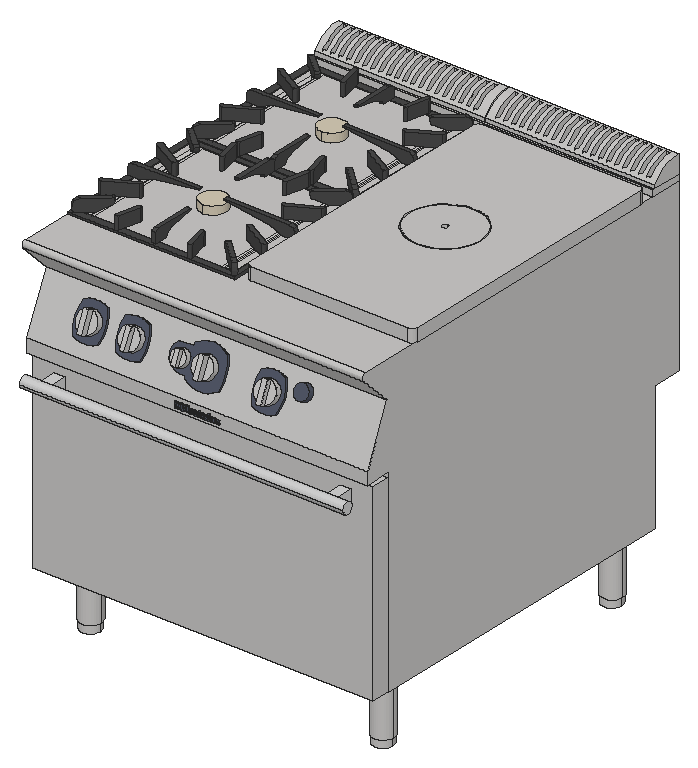
Revit family "QF_ELECTROLUXPROFESSIONAL_391020_E9STGH30G0", category Specialty Equipment, Revit 2018
Family settings
  Round Connector Dimension = Use Diameter
  Part Type = Normal
  Work Plane-Based = No
  Always vertical = Yes
  Cut with Voids When Loaded = No
  Shared = No
  Room Calculation Point = No
Parameters
  Width = 800 mm  # constant formula
  Weight in Pounds = 130  # constant formula
  Watts = 0 W
  URL Cutsheet = "www.electrolux.com"
  URL = "www.electrolux.com"
  Type Mark [instance] = ""
  Status [instance] = ""
  Specification by User [instance] = ""
  Specification by Manufacturer = ""
  Show Logo [instance] = yes
  Show Clearance [instance] = yes
  Serial Number = ""
  Seismic Rating = ""
  SMACNA No = ""
  Revision Code [instance] = ""
  Omniclass Number and Title = ""
  NAFEM Spec ID Number = ""
  Model = "391020"
  Mechanical Remarks [instance] = ""
  Mechanical Connection Type [instance] = ""
  Masterspec = ""
  Manufacturer = "ELECTROLUX"
  Item Number [instance] = ""
  Installed By [instance] = ""
  Identify Quantity as Lot [instance] = yes
  Height = 909 mm  # constant formula
  HP = "0 HP"
  Gas Size = 12.7 mm  # 1/2"
  Gas RI Height [instance] = 0 mm
  Gas KW [instance] = 30  # constant formula
  Gas Input [instance] = 102270.0 Btu/h
  Gas Connection Height = 0 mm
  Furnished By [instance] = ""
  Foodservice Equipment Identifier [instance] = yes
  Direct Waste Size = 0"
  Description = "900XP GAS SOLID TOP, GASOVEN WITH TWOBURNERS- LPG/NATURAL GAS"
  Depth = 700 mm  # constant formula
  CSI MasterFormat = ""
  CSI Master Format = ""
  Assembly Code = ""
Reference planes
  plane 1 "BACK": y = 0
  plane 2: z = 0
  plane 3 "LEFT": x = 0
  plane 4 "RIGHT": x = 800
  plane 5 "FRONT": y = -930
  plane 6 "TOP": z = 908.9
  plane 7 "Center Y": x = 400
  plane 8 "Center X": y = -465
  plane 9 "Base": z = 150
  plane 10: z = 850.9
  plane 11: y = -126
  plane 12: y = -800
  plane 13: y = -1309
  plane 14: y = -663.871
  plane 15: y = -576
Forms (mm)
  Revolve 1, solid, material "QF_Finishes_Stainless Steel"
    sketch origin (1, -126, 0) x (1, 0, 0) y (0, 0, 1)
      loop
        line (55, 0) -> (55, 150) -> (29.6, 150) -> (29.6, 19.05) -> (32.1, 19.05) -> (32.1, 0) -> (55, 0)
      axis (55, 0) -> (55, 150)
    angle from 0 to 360
  Revolve 2, solid, material "QF_Finishes_Stainless Steel"
    sketch origin (1, -799.458, 0) x (1, 0, 0) y (0, 0, 1)
      loop
        line (55, 0) -> (55, 150) -> (29.6, 150) -> (29.6, 19.05) -> (32.1, 19.05) -> (32.1, 0) -> (55, 0)
      axis (55, 0) -> (55, 150)
    angle from 0 to 360
  Revolve 3, solid, material "QF_Finishes_Stainless Steel"
    sketch origin (799, -126, 0) x (-1, 0, 0) y (0, 0, -1)
      loop
        line (55, 0) -> (32.1, 0) -> (32.1, -19.05) -> (29.6, -19.05) -> (29.6, -150) -> (55, -150) -> (55, 0)
      axis (55, 0) -> (55, -150)
    angle from 0 to 360
  Revolve 4, solid, material "QF_Finishes_Stainless Steel"
    sketch origin (799, -799.458, 0) x (-1, 0, 0) y (0, 0, -1)
      loop
        line (55, 0) -> (32.1, 0) -> (32.1, -19.05) -> (29.6, -19.05) -> (29.6, -150) -> (55, -150) -> (55, 0)
      axis (55, 0) -> (55, -150)
    angle from 0 to 360
  Extrusion 5, solid, material "QF_Finishes_Stainless Steel"
    sketch origin (0, 0, 0) x (0, 1, 0) y (0, 0, 1)
      loop
        line (0, 451) -> (0, 850.9) -> (-921.37, 850.9)
        arc (-921.37, 850.9) -> (-929.343, 845.573) -> (-927.472, 836.168) r 8.63
        line (-927.472, 836.168) -> (-858.137, 766.833) -> (-915.833, 641.476) -> (-915.833, 610.179) -> (-855.71, 614.875)
        arc (-855.71, 614.875) -> (-853.185, 614.127) -> (-852.093, 611.731) r 3.175
        line (-852.093, 611.731) -> (-852.093, 150) -> (-71, 150) -> (-71, 451) -> (0, 451)
    from 0 to 800
  Extrusion 6, solid, material "QF_Finishes_Stainless Steel"
    sketch origin (0, -852.093, 611.731) x (0, 0, -1) y (1, 0, 0)
      loop
        line (461.731, 0) -> (461.731, 800) -> (9.61, 800) -> (9.61, 0) -> (461.731, 0)
    from 3.175 to 47.778
  Extrusion 7, solid, material "QF_Finishes_Handrails and Railings"
    sketch origin (0, -199.871, 0) x (0, 1, 0) y (0, 0, 1)
      loop
        line (-700, 580.001) -> (-738.678, 577.296)
        arc (-738.678, 577.296) -> (-739.871, 563.489) -> (-752.981, 558.993) r 12.7
        arc (-752.981, 558.993) -> (-752.44, 558.176) -> (-751.841, 557.401) r 13.441
        arc (-751.841, 557.401) -> (-750.036, 555.955) -> (-747.808, 555.335) r 5.77
        line (-747.808, 555.335) -> (-700, 551.992) -> (-700, 580.001)
    from 50.8 to 76.2
  Extrusion 8, solid, material "QF_Finishes_Handrails and Railings"
    sketch origin (800, -199.871, 0) x (0, 1, 0) y (0, 0, -1)
      loop
        line (-700, -580.001) -> (-700, -551.992) -> (-747.808, -555.335)
        arc (-747.808, -555.335) -> (-750.036, -555.955) -> (-751.841, -557.401) r 5.77
        arc (-751.841, -557.401) -> (-752.44, -558.176) -> (-752.981, -558.993) r 13.441
        arc (-752.981, -558.993) -> (-739.871, -563.489) -> (-738.678, -577.296) r 12.7
        line (-738.678, -577.296) -> (-700, -580.001)
    from 50.8 to 76.2
  Extrusion 9, solid, material "QF_Finishes_Handrails and Railings"
    sketch origin (0, -199.871, 0) x (0, 1, 0) y (0, 0, 1)
      loop
        circle (-749.878, 571.309) r 12.7
    from 19.875 to 780.125
  Extrusion 10, solid, material "QF_Finishes_Stainless Steel"
    sketch origin (0, -199.871, 576.213) x (0, 1, 0) y (0, 0, 1)
      loop
        line (199.871, 274.687) -> (199.871, 288.975) -> (123.671, 288.975) -> (123.671, 274.687) -> (199.871, 274.687)
    from 0 to 800
  Extrusion 11, void
    sketch origin (134.989, 0, 865.138) x (-1, 0, 0) y (0, -1, 0)
      loop
        line (-295.005, 6.761) -> (-285.709, 6.761) -> (-285.709, 63.911) -> (-295.005, 63.911) -> (-295.005, 6.761)
      loop
        line (-313.697, 6.761) -> (-304.401, 6.761) -> (-304.401, 63.911) -> (-313.697, 63.911) -> (-313.697, 6.761)
      loop
        line (-332.39, 6.761) -> (-323.094, 6.761) -> (-323.094, 63.911) -> (-332.39, 63.911) -> (-332.39, 6.761)
      loop
        line (-351.082, 6.761) -> (-341.787, 6.761) -> (-341.787, 63.911) -> (-351.082, 63.911) -> (-351.082, 6.761)
      loop
        line (-369.775, 6.761) -> (-360.479, 6.761) -> (-360.479, 63.911) -> (-369.775, 63.911) -> (-369.775, 6.761)
      loop
        line (-388.468, 6.761) -> (-379.172, 6.761) -> (-379.172, 63.911) -> (-388.468, 63.911) -> (-388.468, 6.761)
      loop
        line (-407.16, 6.761) -> (-397.864, 6.761) -> (-397.864, 63.911) -> (-407.16, 63.911) -> (-407.16, 6.761)
      loop
        line (-425.853, 6.761) -> (-416.557, 6.761) -> (-416.557, 63.911) -> (-425.853, 63.911) -> (-425.853, 6.761)
      loop
        line (-444.545, 6.761) -> (-435.25, 6.761) -> (-435.25, 63.911) -> (-444.545, 63.911) -> (-444.545, 6.761)
      loop
        line (-463.238, 6.761) -> (-453.942, 6.761) -> (-453.942, 63.911) -> (-463.238, 63.911) -> (-463.238, 6.761)
      loop
        line (-481.931, 6.761) -> (-472.635, 6.761) -> (-472.635, 63.911) -> (-481.931, 63.911) -> (-481.931, 6.761)
      loop
        line (-500.623, 6.761) -> (-491.328, 6.761) -> (-491.328, 63.911) -> (-500.623, 63.911) -> (-500.623, 6.761)
      loop
        line (-519.316, 6.761) -> (-510.02, 6.761) -> (-510.02, 63.911) -> (-519.316, 63.911) -> (-519.316, 6.761)
      loop
        line (-538.008, 6.761) -> (-528.713, 6.761) -> (-528.713, 63.911) -> (-538.008, 63.911) -> (-538.008, 6.761)
      loop
        line (-556.701, 6.761) -> (-547.405, 6.761) -> (-547.405, 63.911) -> (-556.701, 63.911) -> (-556.701, 6.761)
      loop
        line (-575.394, 6.761) -> (-566.098, 6.761) -> (-566.098, 63.911) -> (-575.394, 63.911) -> (-575.394, 6.761)
      loop
        line (-594.086, 6.761) -> (-584.791, 6.761) -> (-584.791, 63.911) -> (-594.086, 63.911) -> (-594.086, 6.761)
      loop
        line (-612.779, 6.761) -> (-603.483, 6.761) -> (-603.483, 63.911) -> (-612.779, 63.911) -> (-612.779, 6.761)
      loop
        line (-631.472, 6.761) -> (-622.176, 6.761) -> (-622.176, 63.911) -> (-631.472, 63.911) -> (-631.472, 6.761)
      loop
        line (-650.164, 6.761) -> (-640.868, 6.761) -> (-640.868, 63.911) -> (-650.164, 63.911) -> (-650.164, 6.761)
    from 9.525 to 45.348
  Extrusion 12, solid, material "QF_Finishes_Stainless Steel"
    sketch origin (0, 0, 590.5) x (0, 1, 0) y (0, 0, 1)
      loop
        line (0, 274.688) -> (0, 318.4)
        arc (0, 318.4) -> (-39.072, 309.779) -> (-69.85, 284.212) r 84.854
        line (-69.85, 284.212) -> (-69.85, 274.688) -> (0, 274.688)
    from 400 to 800
  Extrusion 13, solid, material "QF_Finishes_Navy Blue"
    sketch origin (7.744, -913.643, 646.186) x (0, 0.418102, 0.9084) y (-1, 0, 0)
      loop
        arc (102.623, -510.47) -> (67.041, -502.846) -> (31.333, -509.853) r 90.5
        arc (31.333, -509.853) -> (24.507, -539.04) -> (31.333, -568.228) r 65.817
        arc (31.333, -568.228) -> (67.04, -575.188) -> (102.623, -567.615) r 91.066
        arc (102.623, -567.615) -> (109.179, -539.043) -> (102.623, -510.47) r 65.546
      loop
        arc (102.623, -190.47) -> (67.041, -182.846) -> (31.333, -189.853) r 90.5
        arc (31.333, -189.853) -> (24.507, -219.04) -> (31.333, -248.228) r 65.817
        arc (31.333, -248.228) -> (67.04, -255.188) -> (102.623, -247.615) r 91.066
        arc (102.623, -247.615) -> (109.179, -219.043) -> (102.623, -190.47) r 65.546
      loop
        arc (102.623, -90.47) -> (67.041, -82.846) -> (31.333, -89.853) r 90.5
        arc (31.333, -89.853) -> (24.507, -119.04) -> (31.333, -148.228) r 65.817
        arc (31.333, -148.228) -> (67.04, -155.188) -> (102.623, -147.615) r 91.066
        arc (102.623, -147.615) -> (109.179, -119.043) -> (102.623, -90.47) r 65.546
    from 0 to 3.175
  Extrusion 14, solid, material "QF_Finishes_Stainless Steel"
    sketch origin (386.494, -917.356, 645.711) x (0, 0.418102, 0.9084) y (-1, 0, 0)
      loop
        circle (68.826, -160.963) r 25.4
      loop
        circle (68.826, -13.506) r 25.4
      loop
        circle (68.826, 159.037) r 25.4
      loop
        circle (68.826, 259.037) r 25.4
    from 0 to 12.7
  Extrusion 15, solid, material "QF_Finishes_Stainless Steel"
    sketch origin (386.494, -928.893, 651.021) x (0, 0.418102, 0.9084) y (-1, 0, 0)
      loop
        arc (93.558, -166.749) -> (94.226, -160.963) -> (93.558, -155.177) r 25.4
        line (93.558, -155.177) -> (44.094, -155.177)
        arc (44.094, -155.177) -> (43.426, -160.963) -> (44.094, -166.749) r 25.4
        line (44.094, -166.749) -> (93.558, -166.749)
    from 0 to 12.7
  Extrusion 16, solid, material "QF_Finishes_Navy Blue"
    sketch origin (307.014, -903.19, 668.896) x (0, 0.418102, 0.9084) y (-1, 0, 0)
      loop
        circle (65.471, -315.169) r 17.78
    from 0 to 12.7
  Extrusion 17, solid, material "QF_Finishes_Navy Blue"
    sketch origin (-139.713, -913.643, 646.186) x (0, 0.418102, 0.9084) y (-1, 0, 0)
      loop
        arc (104.355, -502.587) -> (101.326, -501.258) -> (98.25, -500.039) r 91.066
        arc (98.25, -500.039) -> (96.592, -482.449) -> (93.213, -465.107) r 179.528
        arc (93.213, -465.107) -> (69.244, -452.795) -> (45.274, -465.107) r 29.489
        arc (45.274, -465.107) -> (38.909, -481.441) -> (37.449, -498.912) r 61.044
        arc (37.449, -498.912) -> (34.471, -499.962) -> (31.532, -501.116) r 91.066
        arc (31.532, -501.116) -> (19.517, -540.223) -> (32.929, -578.873) r 65.817
        arc (32.929, -578.873) -> (68.105, -585.173) -> (102.996, -577.452) r 91.066
        arc (102.996, -577.452) -> (115.418, -540.233) -> (104.355, -502.587) r 65.546
    from 0 to 3.175
  Extrusion 18, solid, material "QF_Finishes_Stainless Steel"
    sketch origin (239.037, -928.893, 651.021) x (0, 0.418102, 0.9084) y (-1, 0, 0)
      loop
        arc (93.558, -166.749) -> (94.226, -160.963) -> (93.558, -155.177) r 25.4
        line (93.558, -155.177) -> (44.094, -155.177)
        arc (44.094, -155.177) -> (43.426, -160.963) -> (44.094, -166.749) r 25.4
        line (44.094, -166.749) -> (93.558, -166.749)
    from 0 to 12.7
  Extrusion 19, solid, material "QF_Finishes_Stainless Steel"
    sketch origin (181.537, -917.356, 645.711) x (0, 0.418102, 0.9084) y (-1, 0, 0)
      loop
        circle (68.826, -160.963) r 18.37
    from 0 to 12.7
  Extrusion 20, solid, material "QF_Finishes_Stainless Steel"
    sketch origin (180.246, -928.893, 651.021) x (0, 0.418102, 0.9084) y (-1, 0, 0)
      loop
        arc (84.808, -167.687) -> (85.476, -161.901) -> (84.808, -156.114) r 25.4
        line (84.808, -156.114) -> (52.844, -156.114)
        arc (52.844, -156.114) -> (52.176, -161.901) -> (52.844, -167.687) r 25.4
        line (52.844, -167.687) -> (84.808, -167.687)
    from 0 to 8.112
  Extrusion 21, solid, material "QF_Finishes_Stainless Steel"
    sketch origin (0, -852.093, 150) x (1, 0, 0) y (0, -1, 0)
      loop
        circle (747.612, -188.222) r 6.4
    from 0 to 21
  Extrusion 22, solid, material "QF_Door-Drawer Clearances", visible <- "Show Clearance", detail levels coarse
    sketch origin (0, -199.871, 0) x (0, 1, 0) y (0, 0, 1)
      loop
        line (-1109, 150) -> (-700, 150) -> (-700, 601.405)
        arc (-700, 601.405) -> (-991.543, 454.568) -> (-1109, 150) r 453.603
    from 0 to 800
  Extrusion 23, solid, material "QF_Clearances", visible <- "Show Clearance", detail levels coarse
    sketch origin (0, -199.871, 0) x (1, 0, 0) y (0, 1, 0)
      loop
        line (-100, -730.129) -> (0, -730.129) -> (0, 199.871) -> (800, 199.871) -> (800, -730.129) -> (900, -730.129) -> (900, 299.871) -> (-100, 299.871) -> (-100, -730.129)
    from 0 to 908.85
  Extrusion 24, solid, material "QF_Finishes_Stainless Steel"
    sketch origin (66.494, -928.893, 651.021) x (0, 0.418102, 0.9084) y (-1, 0, 0)
      loop
        arc (93.558, -166.749) -> (94.226, -160.963) -> (93.558, -155.177) r 25.4
        line (93.558, -155.177) -> (44.094, -155.177)
        arc (44.094, -155.177) -> (43.426, -160.963) -> (44.094, -166.749) r 25.4
        line (44.094, -166.749) -> (93.558, -166.749)
    from 0 to 12.7
  Extrusion 25, solid, material "QF_Finishes_Stainless Steel"
    sketch origin (-33.506, -928.893, 651.021) x (0, 0.418102, 0.9084) y (-1, 0, 0)
      loop
        arc (93.558, -166.749) -> (94.226, -160.963) -> (93.558, -155.177) r 25.4
        line (93.558, -155.177) -> (44.094, -155.177)
        arc (44.094, -155.177) -> (43.426, -160.963) -> (44.094, -166.749) r 25.4
        line (44.094, -166.749) -> (93.558, -166.749)
    from 0 to 12.7
  Extrusion 26, solid, material "QF_Finishes_Stainless Steel"
    sketch origin (17.4, -199.871, 850.85) x (0, -1, 0) y (1, 0, 0)
      loop
        arc (-99.871, 401.6) -> (-96.151, 392.62) -> (-87.171, 388.9) r 12.7
        line (-87.171, 388.9) -> (568.629, 388.9)
        arc (568.629, 388.9) -> (577.609, 392.62) -> (581.329, 401.6) r 12.7
        line (581.329, 401.6) -> (581.329, 769.9)
        arc (581.329, 769.9) -> (577.609, 778.88) -> (568.629, 782.6) r 12.7
        line (568.629, 782.6) -> (-87.171, 782.6)
        arc (-87.171, 782.6) -> (-96.151, 778.88) -> (-99.871, 769.9) r 12.7
        line (-99.871, 769.9) -> (-99.871, 401.6)
      loop
        circle (240.729, 585.75) r 82.55
      loop
        circle (240.729, 585.75) r 7
      loop
        arc (178.013, 643.809) -> (173.609, 639.183) -> (169.562, 634.241) r 85.532
        arc (169.562, 634.241) -> (214.321, 504.246) -> (325.801, 584.71) r 85.614
        arc (325.801, 584.71) -> (272.203, 665.015) -> (178.013, 643.809) r 85.263
    from 0 to 28.575
  Extrusion 27, solid, material "QF_Finishes_Navy Blue", visible <- "Show Logo"
    sketch origin (61.109, -915.833, 610.773) x (0, 0, 1) y (-1, 0, 0)
      loop
        line (20.674, -296.698) -> (8.307, -296.698)
        arc (8.307, -296.698) -> (14.491, -301.27) -> (20.674, -296.698) r 6.467
      loop
        arc (20.674, -296.069) -> (19.505, -290.926) -> (14.849, -288.448) r 6.338
        line (14.849, -288.448) -> (14.849, -290.494)
        arc (14.849, -290.494) -> (16.333, -294.149) -> (19.778, -296.069) r 5.941
        line (19.778, -296.069) -> (20.674, -296.069)
      loop
        arc (9.203, -296.069) -> (12.648, -294.149) -> (14.132, -290.494) r 5.941
        line (14.132, -290.494) -> (14.132, -288.448)
        arc (14.132, -288.448) -> (9.438, -290.922) -> (8.148, -296.069) r 6.504
        line (8.148, -296.069) -> (9.203, -296.069)
      loop
        line (21.349, -287.979) -> (7.604, -287.979) -> (7.604, -301.742) -> (21.349, -301.742) -> (21.349, -287.979)
      loop
        arc (21.432, -304.71) -> (21.085, -304.352) -> (20.718, -304.69) r 0.358
        arc (20.718, -304.69) -> (20.404, -305.44) -> (19.687, -305.825) r 1.216
        line (19.687, -305.825) -> (9.274, -305.825)
        arc (9.274, -305.825) -> (8.614, -305.548) -> (8.218, -304.951) r 1.238
        arc (8.218, -304.951) -> (7.823, -304.7) -> (7.518, -305.054) r 0.358
        line (7.518, -305.054) -> (7.518, -314.933) -> (10.269, -314.933) -> (10.269, -314.036)
        arc (10.269, -314.036) -> (9.36, -313.456) -> (8.904, -312.479) r 1.928
        line (8.904, -312.479) -> (8.904, -309.98)
        arc (8.904, -309.98) -> (9.18, -309.251) -> (9.868, -308.887) r 1.101
        line (9.868, -308.887) -> (13.955, -308.887) -> (13.955, -312.561)
        arc (13.955, -312.561) -> (13.602, -313.058) -> (13.037, -313.286) r 1.083
        arc (13.037, -313.286) -> (12.773, -313.591) -> (13.065, -313.869) r 0.292
        line (13.065, -313.869) -> (16.028, -313.869)
        arc (16.028, -313.869) -> (16.33, -313.596) -> (16.092, -313.266) r 0.305
        arc (16.092, -313.266) -> (15.601, -313.018) -> (15.296, -312.561) r 1.083
        line (15.296, -312.561) -> (15.296, -308.887) -> (19.973, -308.887) -> (19.973, -312.635)
        arc (19.973, -312.635) -> (19.759, -313.39) -> (19.153, -313.888) r 1.314
        arc (19.153, -313.888) -> (18.934, -314.292) -> (19.288, -314.585) r 0.361
        line (19.288, -314.585) -> (21.432, -314.585) -> (21.432, -304.71)
      loop
        arc (20.715, -315.365) -> (20.335, -316.284) -> (19.416, -316.664) r 1.299
        line (19.416, -316.664) -> (9.837, -316.664)
        arc (9.837, -316.664) -> (8.999, -316.286) -> (8.728, -315.408) r 1.118
        line (8.728, -315.408) -> (7.518, -315.408) -> (7.518, -320.758) -> (8.706, -320.758)
        arc (8.706, -320.758) -> (8.978, -319.841) -> (9.848, -319.445) r 1.153
        line (9.848, -319.445) -> (21.92, -319.445) -> (20.715, -315.365)
      loop
        line (12.483, -323.394) -> (12.483, -329.842) -> (13.282, -329.842)
        arc (13.282, -329.842) -> (15.862, -328.857) -> (17.131, -326.404) r 3.874
        line (17.131, -326.404) -> (17.131, -324.643)
        arc (17.131, -324.643) -> (15.944, -321.778) -> (13.08, -320.592) r 4.051
        line (13.08, -320.592) -> (11.072, -320.592)
        arc (11.072, -320.592) -> (8.253, -322.077) -> (7.202, -325.084) r 4.352
        arc (7.202, -325.084) -> (7.566, -327.547) -> (8.943, -329.621) r 5.713
        line (8.943, -329.621) -> (9.892, -329.621)
        arc (9.892, -329.621) -> (9.16, -328.052) -> (8.943, -326.334) r 5.579
        arc (8.943, -326.334) -> (9.737, -324.371) -> (11.616, -323.394) r 3.057
        line (11.616, -323.394) -> (12.483, -323.394)
      loop
        line (13.742, -323.394) -> (13.742, -326.977)
        arc (13.742, -326.977) -> (15.199, -327.024) -> (16.082, -325.864) r 1.59
        line (16.082, -325.864) -> (16.082, -325.034)
        arc (16.082, -325.034) -> (15.217, -323.779) -> (13.742, -323.394) r 2.184
      loop
        arc (16.533, -339.259) -> (17.022, -337.585) -> (17.179, -335.848) r 9.023
        line (17.179, -335.848) -> (17.179, -334.486)
        arc (17.179, -334.486) -> (16.02, -331.686) -> (13.22, -330.527) r 3.959
        line (13.22, -330.527) -> (10.62, -330.527)
        arc (10.62, -330.527) -> (8.338, -331.819) -> (7.221, -334.192) r 4.331
        line (7.221, -334.192) -> (7.221, -336.327)
        arc (7.221, -336.327) -> (7.729, -337.877) -> (8.651, -339.223) r 5.772
        arc (8.651, -339.223) -> (9.412, -339.274) -> (9.499, -338.515) r 0.553
        arc (9.499, -338.515) -> (9.111, -337.781) -> (8.977, -336.962) r 2.573
        line (8.977, -336.962) -> (8.977, -335.447)
        arc (8.977, -335.447) -> (9.983, -333.806) -> (11.798, -333.163) r 2.884
        line (11.798, -333.163) -> (13.077, -333.163)
        arc (13.077, -333.163) -> (14.898, -333.723) -> (15.824, -335.388) r 2.554
        line (15.824, -335.388) -> (15.824, -336.441)
        arc (15.824, -336.441) -> (15.493, -337.369) -> (14.836, -338.104) r 2.564
        arc (14.836, -338.104) -> (14.614, -338.821) -> (15.223, -339.259) r 0.643
        line (15.223, -339.259) -> (16.533, -339.259)
      loop
        line (15.515, -339.53) -> (15.515, -341.031) -> (9.467, -341.031)
        arc (9.467, -341.031) -> (7.879, -341.688) -> (7.221, -343.276) r 2.246
        line (7.221, -343.276) -> (7.221, -344.86)
        arc (7.221, -344.86) -> (7.535, -345.725) -> (8.035, -346.496) r 4.06
        arc (8.035, -346.496) -> (8.768, -346.629) -> (9.019, -345.928) r 0.576
        arc (9.019, -345.928) -> (8.913, -345.403) -> (8.977, -344.87) r 1.69
        arc (8.977, -344.87) -> (9.519, -344.082) -> (10.425, -343.779) r 1.506
        line (10.425, -343.779) -> (15.563, -343.779) -> (15.563, -346.176) -> (16.119, -346.733) -> (16.941, -346.733) -> (16.941, -343.873) -> (20.172, -343.873) -> (15.515, -339.53)
      loop
        line (7.438, -347.63) -> (7.438, -353.017) -> (8.548, -353.017)
        arc (8.548, -353.017) -> (8.942, -352.066) -> (9.893, -351.672) r 1.345
        line (9.893, -351.672) -> (13.509, -351.672)
        arc (13.509, -351.672) -> (14.274, -352.264) -> (14.564, -353.186) r 1.615
        line (14.564, -353.186) -> (14.564, -354.742) -> (17.119, -355.427) -> (17.119, -354.044) -> (15.177, -351.485) -> (17.057, -351.485) -> (16.773, -348.779)
        arc (16.773, -348.779) -> (16.333, -348.249) -> (15.674, -348.45) r 0.621
        arc (15.674, -348.45) -> (15.274, -348.792) -> (14.78, -348.975) r 1.501
        line (14.78, -348.975) -> (9.893, -348.975)
        arc (9.893, -348.975) -> (8.942, -348.581) -> (8.548, -347.63) r 1.345
        line (8.548, -347.63) -> (7.438, -347.63)
      loop
        line (13.54, -354.964) -> (10.848, -354.964)
        arc (10.848, -354.964) -> (8.403, -356.272) -> (7.269, -358.803) r 4.288
        arc (7.269, -358.803) -> (7.205, -360.183) -> (7.269, -361.563) r 15.022
        arc (7.269, -361.563) -> (8.403, -364.094) -> (10.848, -365.401) r 4.288
        line (10.848, -365.401) -> (13.54, -365.401)
        arc (13.54, -365.401) -> (15.986, -364.094) -> (17.119, -361.563) r 4.288
        arc (17.119, -361.563) -> (17.183, -360.183) -> (17.119, -358.803) r 15.022
        arc (17.119, -358.803) -> (15.986, -356.272) -> (13.54, -354.964) r 4.288
      loop
        line (13.745, -358.078) -> (10.643, -358.078)
        arc (10.643, -358.078) -> (8.486, -360.235) -> (10.643, -362.392) r 2.157
        line (10.643, -362.392) -> (13.745, -362.392)
        arc (13.745, -362.392) -> (15.902, -360.235) -> (13.745, -358.078) r 2.157
      loop
        arc (20.726, -365.26) -> (20.355, -366.154) -> (19.461, -366.524) r 1.264
        line (19.461, -366.524) -> (9.597, -366.524)
        arc (9.597, -366.524) -> (8.727, -366.127) -> (8.455, -365.211) r 1.153
        line (8.455, -365.211) -> (7.518, -365.211) -> (7.518, -370.319) -> (8.446, -370.319)
        arc (8.446, -370.319) -> (8.805, -369.547) -> (9.597, -369.232) r 1.153
        line (9.597, -369.232) -> (21.92, -369.232) -> (20.726, -365.26)
      loop
        arc (15.846, -369.857) -> (15.647, -370.921) -> (14.678, -371.403) r 1.215
        line (14.678, -371.403) -> (9.658, -371.403)
        arc (9.658, -371.403) -> (8.043, -372.051) -> (7.322, -373.634) r 2.338
        line (7.322, -373.634) -> (7.322, -375.148)
        arc (7.322, -375.148) -> (7.497, -376.152) -> (7.999, -377.038) r 2.979
        line (7.999, -377.038) -> (7.518, -378.835) -> (7.518, -380.524) -> (16.943, -380.524) -> (16.649, -376.32) -> (15.863, -376.32)
        arc (15.863, -376.32) -> (15.507, -377.156) -> (14.755, -377.665) r 1.605
        line (14.755, -377.665) -> (9.652, -377.665)
        arc (9.652, -377.665) -> (9.232, -376.728) -> (9.159, -375.704) r 2.94
        arc (9.159, -375.704) -> (9.72, -374.603) -> (10.873, -374.16) r 1.724
        line (10.873, -374.16) -> (17.07, -374.16) -> (15.846, -369.857)
      loop
        line (16.874, -381.377) -> (15.202, -383.423) -> (12.028, -385.729) -> (8.572, -382.617)
        arc (8.572, -382.617) -> (8.335, -382.223) -> (8.357, -381.764) r 0.789
        line (8.357, -381.764) -> (7.518, -381.764) -> (7.518, -385.309) -> (8.344, -385.309)
        arc (8.344, -385.309) -> (8.686, -384.947) -> (9.176, -385.039) r 0.52
        line (9.176, -385.039) -> (10.976, -386.51) -> (8.858, -387.886)
        arc (8.858, -387.886) -> (8.457, -387.576) -> (8.37, -387.076) r 0.7
        line (8.37, -387.076) -> (7.518, -387.076) -> (7.518, -393.003) -> (8.405, -393.003)
        arc (8.405, -393.003) -> (8.472, -392.344) -> (8.866, -391.813) r 1.247
        line (8.866, -391.813) -> (13.066, -388.532) -> (15.513, -390.585) -> (16.874, -392.327) -> (16.874, -388.604) -> (15.389, -389.026) -> (13.868, -387.749) -> (15.568, -386.559) -> (16.874, -387.336) -> (16.874, -381.377)
    from 0 to 1.644
  Extrusion 28, solid, material "QF_Finishes_Stainless Steel"
    sketch origin (0, -852.093, 150) x (1, 0, 0) y (0, -1, 0)
      loop
        circle (757, -276.093) r 12.7
    from 0 to 21
  Extrusion 29, void
    sketch origin (665.011, 0, 865.138) x (1, 0, 0) y (0, 1, 0)
      loop
        line (-295.005, -6.761) -> (-295.005, -63.911) -> (-285.709, -63.911) -> (-285.709, -6.761) -> (-295.005, -6.761)
      loop
        line (-313.697, -6.761) -> (-313.697, -63.911) -> (-304.401, -63.911) -> (-304.401, -6.761) -> (-313.697, -6.761)
      loop
        line (-332.39, -6.761) -> (-332.39, -63.911) -> (-323.094, -63.911) -> (-323.094, -6.761) -> (-332.39, -6.761)
      loop
        line (-351.082, -6.761) -> (-351.082, -63.911) -> (-341.787, -63.911) -> (-341.787, -6.761) -> (-351.082, -6.761)
      loop
        line (-369.775, -6.761) -> (-369.775, -63.911) -> (-360.479, -63.911) -> (-360.479, -6.761) -> (-369.775, -6.761)
      loop
        line (-388.468, -6.761) -> (-388.468, -63.911) -> (-379.172, -63.911) -> (-379.172, -6.761) -> (-388.468, -6.761)
      loop
        line (-407.16, -6.761) -> (-407.16, -63.911) -> (-397.864, -63.911) -> (-397.864, -6.761) -> (-407.16, -6.761)
      loop
        line (-425.853, -6.761) -> (-425.853, -63.911) -> (-416.557, -63.911) -> (-416.557, -6.761) -> (-425.853, -6.761)
      loop
        line (-444.545, -6.761) -> (-444.545, -63.911) -> (-435.25, -63.911) -> (-435.25, -6.761) -> (-444.545, -6.761)
      loop
        line (-463.238, -6.761) -> (-463.238, -63.911) -> (-453.942, -63.911) -> (-453.942, -6.761) -> (-463.238, -6.761)
      loop
        line (-481.931, -6.761) -> (-481.931, -63.911) -> (-472.635, -63.911) -> (-472.635, -6.761) -> (-481.931, -6.761)
      loop
        line (-500.623, -6.761) -> (-500.623, -63.911) -> (-491.328, -63.911) -> (-491.328, -6.761) -> (-500.623, -6.761)
      loop
        line (-519.316, -6.761) -> (-519.316, -63.911) -> (-510.02, -63.911) -> (-510.02, -6.761) -> (-519.316, -6.761)
      loop
        line (-538.008, -6.761) -> (-538.008, -63.911) -> (-528.713, -63.911) -> (-528.713, -6.761) -> (-538.008, -6.761)
      loop
        line (-556.701, -6.761) -> (-556.701, -63.911) -> (-547.405, -63.911) -> (-547.405, -6.761) -> (-556.701, -6.761)
      loop
        line (-575.394, -6.761) -> (-575.394, -63.911) -> (-566.098, -63.911) -> (-566.098, -6.761) -> (-575.394, -6.761)
      loop
        line (-594.086, -6.761) -> (-594.086, -63.911) -> (-584.791, -63.911) -> (-584.791, -6.761) -> (-594.086, -6.761)
      loop
        line (-612.779, -6.761) -> (-612.779, -63.911) -> (-603.483, -63.911) -> (-603.483, -6.761) -> (-612.779, -6.761)
      loop
        line (-631.472, -6.761) -> (-631.472, -63.911) -> (-622.176, -63.911) -> (-622.176, -6.761) -> (-631.472, -6.761)
      loop
        line (-650.164, -6.761) -> (-650.164, -63.911) -> (-640.868, -63.911) -> (-640.868, -6.761) -> (-650.164, -6.761)
    from 9.525 to 45.348
  Extrusion 30, solid, material "QF_Finishes_Stainless Steel"
    sketch origin (800, 0, 590.5) x (0, 1, 0) y (0, 0, -1)
      loop
        line (0, -274.688) -> (-69.85, -274.688) -> (-69.85, -284.212)
        arc (-69.85, -284.212) -> (-39.072, -309.779) -> (0, -318.4) r 84.854
        line (0, -318.4) -> (0, -274.688)
    from 400 to 800
Cuts and joins
  Extrusion 11, Extrusion 29 cuts Extrusion 12
  Extrusion 29 cuts Extrusion 30
Lines and regions (mm)
  symbolic lines, style "QF_Door-Drawer Clearances"
    curve 1: line (0, -930, 150) -> (0, -1308.871, 150)
    curve 2: line (0, -1308.871, 150) -> (800, -1308.871, 150)
    curve 3: line (800, -1308.871, 150) -> (800, -930, 150)
  symbolic lines
    curve 4: line (800, -930, 150) -> (0, -930, 150)
    curve 5: line (0, 0, 150) -> (0, -930, 150)
    curve 6: line (0, -69.85, 150) -> (800, -69.85, 150)
    curve 7: line (0, -76.2, 150) -> (800, -76.2, 150)
    curve 8: line (800, -930, 150) -> (800, 0, 150)
    curve 9: line (0, 0, 150) -> (800, 0, 150)
    curve 10: line (429.994, -6.761, 150) -> (429.994, -63.911, 150)
    curve 11: line (429.994, -63.911, 150) -> (420.698, -63.911, 150)
    curve 12: line (420.698, -63.911, 150) -> (420.698, -6.761, 150)
    curve 13: line (420.698, -6.761, 150) -> (429.994, -6.761, 150)
    curve 14: line (635.612, -6.761, 150) -> (635.612, -63.911, 150)
    curve 15: line (635.612, -63.911, 150) -> (626.317, -63.911, 150)
    curve 16: line (626.317, -63.911, 150) -> (626.317, -6.761, 150)
    curve 17: line (626.317, -6.761, 150) -> (635.612, -6.761, 150)
    curve 18: line (616.92, -6.761, 150) -> (616.92, -63.911, 150)
    curve 19: line (616.92, -63.911, 150) -> (607.624, -63.911, 150)
    curve 20: line (607.624, -63.911, 150) -> (607.624, -6.761, 150)
    curve 21: line (607.624, -6.761, 150) -> (616.92, -6.761, 150)
    curve 22: line (598.227, -6.761, 150) -> (598.227, -63.911, 150)
    curve 23: line (598.227, -63.911, 150) -> (588.931, -63.911, 150)
    curve 24: line (588.931, -63.911, 150) -> (588.931, -6.761, 150)
    curve 25: line (588.931, -6.761, 150) -> (598.227, -6.761, 150)
    curve 26: line (579.534, -6.761, 150) -> (579.534, -63.911, 150)
    curve 27: line (579.534, -63.911, 150) -> (570.239, -63.911, 150)
    curve 28: line (570.239, -63.911, 150) -> (570.239, -6.761, 150)
    curve 29: line (570.239, -6.761, 150) -> (579.534, -6.761, 150)
    curve 30: line (560.842, -6.761, 150) -> (560.842, -63.911, 150)
    curve 31: line (560.842, -63.911, 150) -> (551.546, -63.911, 150)
    curve 32: line (551.546, -63.911, 150) -> (551.546, -6.761, 150)
    curve 33: line (551.546, -6.761, 150) -> (560.842, -6.761, 150)
    curve 34: line (542.149, -6.761, 150) -> (542.149, -63.911, 150)
    curve 35: line (542.149, -63.911, 150) -> (532.854, -63.911, 150)
    curve 36: line (532.854, -63.911, 150) -> (532.854, -6.761, 150)
    curve 37: line (532.854, -6.761, 150) -> (542.149, -6.761, 150)
    curve 38: line (523.457, -6.761, 150) -> (523.457, -63.911, 150)
    curve 39: line (523.457, -63.911, 150) -> (514.161, -63.911, 150)
    curve 40: line (514.161, -63.911, 150) -> (514.161, -6.761, 150)
    curve 41: line (514.161, -6.761, 150) -> (523.457, -6.761, 150)
    curve 42: line (504.764, -6.761, 150) -> (504.764, -63.911, 150)
    curve 43: line (504.764, -63.911, 150) -> (495.468, -63.911, 150)
    curve 44: line (495.468, -63.911, 150) -> (495.468, -6.761, 150)
    curve 45: line (495.468, -6.761, 150) -> (504.764, -6.761, 150)
    curve 46: line (486.071, -6.761, 150) -> (486.071, -63.911, 150)
    curve 47: line (486.071, -63.911, 150) -> (476.776, -63.911, 150)
    curve 48: line (476.776, -63.911, 150) -> (476.776, -6.761, 150)
    curve 49: line (476.776, -6.761, 150) -> (486.071, -6.761, 150)
    curve 50: line (467.379, -6.761, 150) -> (467.379, -63.911, 150)
    curve 51: line (467.379, -63.911, 150) -> (458.083, -63.911, 150)
    curve 52: line (458.083, -63.911, 150) -> (458.083, -6.761, 150)
    curve 53: line (458.083, -6.761, 150) -> (467.379, -6.761, 150)
    curve 54: line (448.686, -6.761, 150) -> (448.686, -63.911, 150)
    curve 55: line (448.686, -63.911, 150) -> (439.39, -63.911, 150)
    curve 56: line (439.39, -63.911, 150) -> (439.39, -6.761, 150)
    curve 57: line (439.39, -6.761, 150) -> (448.686, -6.761, 150)
    curve 58: line (785.153, -6.761, 150) -> (785.153, -63.911, 150)
    curve 59: line (785.153, -63.911, 150) -> (775.857, -63.911, 150)
    curve 60: line (775.857, -63.911, 150) -> (775.857, -6.761, 150)
    curve 61: line (775.857, -6.761, 150) -> (785.153, -6.761, 150)
    curve 62: line (766.461, -6.761, 150) -> (766.461, -63.911, 150)
    curve 63: line (766.461, -63.911, 150) -> (757.165, -63.911, 150)
    curve 64: line (757.165, -63.911, 150) -> (757.165, -6.761, 150)
    curve 65: line (757.165, -6.761, 150) -> (766.461, -6.761, 150)
    curve 66: line (747.768, -6.761, 150) -> (747.768, -63.911, 150)
    curve 67: line (747.768, -63.911, 150) -> (738.472, -63.911, 150)
    curve 68: line (738.472, -63.911, 150) -> (738.472, -6.761, 150)
    curve 69: line (738.472, -6.761, 150) -> (747.768, -6.761, 150)
    curve 70: line (729.075, -6.761, 150) -> (729.075, -63.911, 150)
    curve 71: line (729.075, -63.911, 150) -> (719.78, -63.911, 150)
    curve 72: line (719.78, -63.911, 150) -> (719.78, -6.761, 150)
    curve 73: line (719.78, -6.761, 150) -> (729.075, -6.761, 150)
    curve 74: line (710.383, -6.761, 150) -> (710.383, -63.911, 150)
    curve 75: line (710.383, -63.911, 150) -> (701.087, -63.911, 150)
    curve 76: line (701.087, -63.911, 150) -> (701.087, -6.761, 150)
    curve 77: line (701.087, -6.761, 150) -> (710.383, -6.761, 150)
    curve 78: line (691.69, -6.761, 150) -> (691.69, -63.911, 150)
    curve 79: line (691.69, -63.911, 150) -> (682.394, -63.911, 150)
    curve 80: line (682.394, -63.911, 150) -> (682.394, -6.761, 150)
    curve 81: line (682.394, -6.761, 150) -> (691.69, -6.761, 150)
    curve 82: line (672.998, -6.761, 150) -> (672.998, -63.911, 150)
    curve 83: line (672.998, -63.911, 150) -> (663.702, -63.911, 150)
    curve 84: line (663.702, -63.911, 150) -> (663.702, -6.761, 150)
    curve 85: line (663.702, -6.761, 150) -> (672.998, -6.761, 150)
    curve 86: line (654.305, -6.761, 150) -> (654.305, -63.911, 150)
    curve 87: line (654.305, -63.911, 150) -> (645.009, -63.911, 150)
    curve 88: line (645.009, -63.911, 150) -> (645.009, -6.761, 150)
    curve 89: line (645.009, -6.761, 150) -> (654.305, -6.761, 150)
    curve 93: line (50.8, -938.549, 150) -> (50.8, -930, 150)
    curve 94: line (76.2, -930, 150) -> (76.2, -938.549, 150)
    curve 95: line (19.875, -937.049, 150) -> (50.8, -937.049, 150)
    curve 96: line (19.875, -962.449, 150) -> (19.875, -937.049, 150)
    curve 97: line (780.125, -962.449, 150) -> (19.875, -962.449, 150)
    curve 98: line (780.125, -937.049, 150) -> (780.125, -962.449, 150)
    curve 99: line (749.2, -938.549, 150) -> (749.2, -930, 150)
    curve 100: line (723.8, -938.549, 150) -> (723.8, -930, 150)
    curve 101: line (723.8, -938.549, 150) -> (749.2, -938.549, 150)
    curve 102: line (50.8, -938.549, 150) -> (76.2, -938.549, 150)
    curve 103: line (76.2, -937.049, 150) -> (723.8, -937.049, 150)
    curve 104: line (749.2, -937.049, 150) -> (780.125, -937.049, 150)
    curve 105: line (400, -69.85, 150) -> (400, 0, 150)
    curve 106: line (800, -69.85, 150) -> (800, 0, 150)
    curve 107: line (406.3, -112.7, 150) -> (406.3, -768.5, 150)
    curve 108: arc (406.3, -768.5, 150) -> (410.02, -777.48, 150) -> (419, -781.2, 150) r 12.7
    curve 109: line (419, -781.2, 150) -> (752.3, -781.2, 150)
    curve 110: arc (613.822, -525.021, 150) -> (546.97, -504.625, 150) -> (517.597, -441.203, 150) r 85.614
    curve 111: line (752.3, -100, 150) -> (419, -100, 150)
    curve 112: arc (419, -100, 150) -> (410.02, -103.72, 150) -> (406.3, -112.7, 150) r 12.7
    curve 113: line (765, -768.5, 150) -> (765, -112.7, 150)
    curve 114: arc (765, -112.7, 150) -> (761.28, -103.72, 150) -> (752.3, -100, 150) r 12.7
    curve 115: arc (611.793, -355.582, 150) -> (665.759, -382.432, 150) -> (688.483, -438.261, 150) r 85.263
    curve 116: arc (752.3, -781.2, 150) -> (761.28, -777.48, 150) -> (765, -768.5, 150) r 12.7
    curve 117: arc (603.15, -358.05, 150) -> (520.6, -440.6, 150) -> (603.15, -523.15, 150) r 82.55
    curve 118: arc (603.15, -523.15, 150) -> (685.7, -440.6, 150) -> (603.15, -358.05, 150) r 82.55
    curve 119: arc (603.15, -433.6, 150) -> (610.15, -440.6, 150) -> (603.15, -447.6, 150) r 7
    curve 120: arc (603.15, -447.6, 150) -> (596.15, -440.6, 150) -> (603.15, -433.6, 150) r 7
    curve 121: line (406.3, -438.1, 150) -> (517.639, -438.1, 150)
    curve 122: line (406.3, -441.203, 150) -> (517.597, -441.203, 150)
    curve 123: line (688.505, -441.386, 150) -> (765, -441.386, 150)
    curve 124: line (688.483, -438.261, 150) -> (765, -438.261, 150)
    curve 125: arc (517.639, -438.1, 150) -> (546.783, -376.379, 150) -> (611.793, -355.582, 150) r 85.614
    curve 126: arc (688.505, -441.386, 150) -> (666.845, -497.206, 150) -> (613.822, -525.021, 150) r 85.263
    curve 127: line (370.006, -6.761, 150) -> (370.006, -63.911, 150)
    curve 128: line (370.006, -63.911, 150) -> (379.302, -63.911, 150)
    curve 129: line (379.302, -63.911, 150) -> (379.302, -6.761, 150)
    curve 130: line (379.302, -6.761, 150) -> (370.006, -6.761, 150)
    curve 131: line (164.388, -6.761, 150) -> (164.388, -63.911, 150)
    curve 132: line (164.388, -63.911, 150) -> (173.683, -63.911, 150)
    curve 133: line (173.683, -63.911, 150) -> (173.683, -6.761, 150)
    curve 134: line (173.683, -6.761, 150) -> (164.388, -6.761, 150)
    curve 135: line (183.08, -6.761, 150) -> (183.08, -63.911, 150)
    curve 136: line (183.08, -63.911, 150) -> (192.376, -63.911, 150)
    curve 137: line (192.376, -63.911, 150) -> (192.376, -6.761, 150)
    curve 138: line (192.376, -6.761, 150) -> (183.08, -6.761, 150)
    curve 139: line (201.773, -6.761, 150) -> (201.773, -63.911, 150)
    curve 140: line (201.773, -63.911, 150) -> (211.069, -63.911, 150)
    curve 141: line (211.069, -63.911, 150) -> (211.069, -6.761, 150)
    curve 142: line (211.069, -6.761, 150) -> (201.773, -6.761, 150)
    curve 143: line (220.466, -6.761, 150) -> (220.466, -63.911, 150)
    curve 144: line (220.466, -63.911, 150) -> (229.761, -63.911, 150)
    curve 145: line (229.761, -63.911, 150) -> (229.761, -6.761, 150)
    curve 146: line (229.761, -6.761, 150) -> (220.466, -6.761, 150)
    curve 147: line (239.158, -6.761, 150) -> (239.158, -63.911, 150)
    curve 148: line (239.158, -63.911, 150) -> (248.454, -63.911, 150)
    curve 149: line (248.454, -63.911, 150) -> (248.454, -6.761, 150)
    curve 150: line (248.454, -6.761, 150) -> (239.158, -6.761, 150)
    curve 151: line (257.851, -6.761, 150) -> (257.851, -63.911, 150)
    curve 152: line (257.851, -63.911, 150) -> (267.146, -63.911, 150)
    curve 153: line (267.146, -63.911, 150) -> (267.146, -6.761, 150)
    curve 154: line (267.146, -6.761, 150) -> (257.851, -6.761, 150)
    curve 155: line (276.543, -6.761, 150) -> (276.543, -63.911, 150)
    curve 156: line (276.543, -63.911, 150) -> (285.839, -63.911, 150)
    curve 157: line (285.839, -63.911, 150) -> (285.839, -6.761, 150)
    curve 158: line (285.839, -6.761, 150) -> (276.543, -6.761, 150)
    curve 159: line (295.236, -6.761, 150) -> (295.236, -63.911, 150)
    curve 160: line (295.236, -63.911, 150) -> (304.532, -63.911, 150)
    curve 161: line (304.532, -63.911, 150) -> (304.532, -6.761, 150)
    curve 162: line (304.532, -6.761, 150) -> (295.236, -6.761, 150)
    curve 163: line (313.929, -6.761, 150) -> (313.929, -63.911, 150)
    curve 164: line (313.929, -63.911, 150) -> (323.224, -63.911, 150)
    curve 165: line (323.224, -63.911, 150) -> (323.224, -6.761, 150)
    curve 166: line (323.224, -6.761, 150) -> (313.929, -6.761, 150)
    curve 167: line (332.621, -6.761, 150) -> (332.621, -63.911, 150)
    curve 168: line (332.621, -63.911, 150) -> (341.917, -63.911, 150)
    curve 169: line (341.917, -63.911, 150) -> (341.917, -6.761, 150)
    curve 170: line (341.917, -6.761, 150) -> (332.621, -6.761, 150)
    curve 171: line (351.314, -6.761, 150) -> (351.314, -63.911, 150)
    curve 172: line (351.314, -63.911, 150) -> (360.61, -63.911, 150)
    curve 173: line (360.61, -63.911, 150) -> (360.61, -6.761, 150)
    curve 174: line (360.61, -6.761, 150) -> (351.314, -6.761, 150)
    curve 175: line (14.847, -6.761, 150) -> (14.847, -63.911, 150)
    curve 176: line (14.847, -63.911, 150) -> (24.143, -63.911, 150)
    curve 177: line (24.143, -63.911, 150) -> (24.143, -6.761, 150)
    curve 178: line (24.143, -6.761, 150) -> (14.847, -6.761, 150)
    curve 179: line (33.539, -6.761, 150) -> (33.539, -63.911, 150)
    curve 180: line (33.539, -63.911, 150) -> (42.835, -63.911, 150)
    curve 181: line (42.835, -63.911, 150) -> (42.835, -6.761, 150)
    curve 182: line (42.835, -6.761, 150) -> (33.539, -6.761, 150)
    curve 183: line (52.232, -6.761, 150) -> (52.232, -63.911, 150)
    curve 184: line (52.232, -63.911, 150) -> (61.528, -63.911, 150)
    curve 185: line (61.528, -63.911, 150) -> (61.528, -6.761, 150)
    curve 186: line (61.528, -6.761, 150) -> (52.232, -6.761, 150)
    curve 187: line (70.925, -6.761, 150) -> (70.925, -63.911, 150)
    curve 188: line (70.925, -63.911, 150) -> (80.22, -63.911, 150)
    curve 189: line (80.22, -63.911, 150) -> (80.22, -6.761, 150)
    curve 190: line (80.22, -6.761, 150) -> (70.925, -6.761, 150)
    curve 191: line (89.617, -6.761, 150) -> (89.617, -63.911, 150)
    curve 192: line (89.617, -63.911, 150) -> (98.913, -63.911, 150)
    curve 193: line (98.913, -63.911, 150) -> (98.913, -6.761, 150)
    curve 194: line (98.913, -6.761, 150) -> (89.617, -6.761, 150)
    curve 195: line (108.31, -6.761, 150) -> (108.31, -63.911, 150)
    curve 196: line (108.31, -63.911, 150) -> (117.606, -63.911, 150)
    curve 197: line (117.606, -63.911, 150) -> (117.606, -6.761, 150)
    curve 198: line (117.606, -6.761, 150) -> (108.31, -6.761, 150)
    curve 199: line (127.002, -6.761, 150) -> (127.002, -63.911, 150)
    curve 200: line (127.002, -63.911, 150) -> (136.298, -63.911, 150)
    curve 201: line (136.298, -63.911, 150) -> (136.298, -6.761, 150)
    curve 202: line (136.298, -6.761, 150) -> (127.002, -6.761, 150)
    curve 203: line (145.695, -6.761, 150) -> (145.695, -63.911, 150)
    curve 204: line (145.695, -63.911, 150) -> (154.991, -63.911, 150)
    curve 205: line (154.991, -63.911, 150) -> (154.991, -6.761, 150)
    curve 206: line (154.991, -6.761, 150) -> (145.695, -6.761, 150)
    curve 207: line (0, -69.85, 150) -> (0, 0, 150)
  symbolic lines, style "QF_Clearances", visible <- "Show Clearance", detail levels coarse
    curve 90: line (-100, -930, 150) -> (-100, 100, 150)
    curve 91: line (-100, 100, 150) -> (900, 100, 150)
    curve 92: line (900, 100, 150) -> (900, -930, 150)
Dimensions and locks
  equal spacing: plane 3 "LEFT", plane 7 "Center Y", plane 4 "RIGHT"
  plane 3 "LEFT" to plane 4 "RIGHT" = 800 mm
  equal spacing: plane 5 "FRONT", plane 8 "Center X", plane 1 "BACK"
  plane 5 "FRONT" to plane 1 "BACK" = 930 mm  (x2)
  plane 6 "TOP" to level = 908.9 mm
  plane 9 "Base" to level = 150 mm
  plane 6 "TOP" to plane 10 = 58 mm  (x3)
  plane 9 "Base" to Extrusion 5 sketch curve = 301 mm
  Extrusion 5 sketch curve to plane 1 "BACK" = 71 mm
  plane 11 to plane 1 "BACK" = 126 mm
  plane 9 "Base" to Extrusion 5 = 301 mm
  Extrusion 5 to plane 1 "BACK" = 71 mm
  plane 12 to plane 11 = 674 mm
  Extrusion 22 to plane 12 = 99.871 mm
  plane 13 to plane 1 "BACK" = 1309 mm
  Extrusion 22 to plane 1 "BACK" = 899.871 mm
  Extrusion 21 sketch curve to plane 1 "BACK" = 663.871 mm
  Extrusion 21 sketch curve to plane 4 "RIGHT" = 52.388 mm
  plane 14 to plane 1 "BACK" = 663.871 mm
  plane 15 to plane 1 "BACK" = 576 mm
  Extrusion 21 to plane 9 "Base" = 21 mm
  plane 2 to Extrusion 21 = 129 mm
  plane 9 "Base" to plane 2 = 150 mm
  plane 10 to plane 2 = 850.9 mm
  aligned and locked: level to plane 2
Automatic sketch dimensions
  curve 115 to curve 126 = 0 mm  (x2)
  curve 117 to curve 119 = 0 mm
  curve 117 to curve 120 = 0 mm
  plane 5 "FRONT" to curve 92 = 0 mm
  curve 2 to plane 4 "RIGHT" = 0 mm
  plane 5 "FRONT" to curve 99 = 0 mm
  plane 1 "BACK" to curve 105 = 0 mm
  curve 105 to plane 7 "Center Y" = 0 mm
  curve 5 to plane 3 "LEFT" = 0 mm
  plane 5 "FRONT" to curve 90 = 0 mm
  plane 4 "RIGHT" to curve 91 = 100 mm
  plane 1 "BACK" to curve 61 = 6.761 mm
  curve 61 to plane 4 "RIGHT" = 14.847 mm
  curve 97 to plane 4 "RIGHT" = 19.875 mm
  curve 58 to curve 61 = 9.296 mm
  curve 59 to curve 62 = 9.397 mm
  curve 113 to plane 4 "RIGHT" = 35 mm
  curve 62 to curve 64 = 9.296 mm
  curve 113 to curve 114 = 12.7 mm
  curve 113 to curve 116 = 12.7 mm
  curve 98 to curve 99 = 30.925 mm
  curve 63 to curve 66 = 9.397 mm
  curve 66 to curve 68 = 9.296 mm
  curve 67 to curve 71 = 9.397 mm
  plane 5 "FRONT" to curve 101 = 8.549 mm
  curve 99 to curve 101 = 25.4 mm
  curve 70 to curve 72 = 9.296 mm
  curve 72 to curve 74 = 9.397 mm
  curve 74 to curve 76 = 9.296 mm
  curve 76 to curve 78 = 9.397 mm
  plane 8 "Center X" to curve 123 = 23.614 mm
  curve 123 to curve 123 = 76.495 mm
  curve 126 to curve 124 = 0.022 mm
  curve 78 to curve 81 = 9.296 mm
  curve 80 to curve 82 = 9.397 mm
  curve 82 to curve 84 = 9.296 mm
  curve 83 to curve 87 = 9.397 mm
  curve 86 to curve 88 = 9.296 mm
  curve 88 to curve 17 = 9.397 mm
  curve 14 to curve 16 = 9.296 mm
  curve 16 to curve 18 = 9.397 mm
  plane 15 to curve 126 = 50.979 mm
  curve 123 to curve 126 = 74.683 mm
  curve 110 to curve 126 = 0 mm
  curve 124 to curve 125 = 76.69 mm
  curve 115 to curve 125 = 0 mm
  curve 18 to curve 20 = 9.296 mm
  plane 8 "Center X" to curve 126 = 24.584 mm
  curve 115 to curve 125 = 0.035 mm
  curve 115 to curve 110 = 0.044 mm
  curve 110 to curve 119 = 0.054 mm
  curve 19 to curve 23 = 9.397 mm
  curve 22 to curve 23 = 9.296 mm
  curve 24 to curve 26 = 9.397 mm
  curve 26 to curve 28 = 9.296 mm
  curve 28 to curve 30 = 9.397 mm
  curve 30 to curve 32 = 9.296 mm
  curve 32 to curve 34 = 9.397 mm
  curve 34 to curve 36 = 9.296 mm
  curve 36 to curve 38 = 9.397 mm
  plane 8 "Center X" to curve 121 = 26.9 mm
  curve 117 to curve 121 = 85.511 mm
  curve 121 to curve 122 = 0.042 mm
  curve 38 to curve 39 = 9.296 mm
  curve 40 to curve 45 = 9.397 mm
  curve 42 to curve 45 = 9.296 mm
  curve 43 to curve 47 = 9.397 mm
  curve 46 to curve 48 = 9.296 mm
  curve 48 to curve 53 = 9.397 mm
  curve 50 to curve 52 = 9.296 mm
  curve 51 to curve 55 = 9.397 mm
  curve 54 to curve 56 = 9.296 mm
  curve 55 to curve 10 = 9.397 mm
  curve 10 to curve 13 = 9.296 mm
  plane 7 "Center Y" to curve 112 = 19 mm
  plane 7 "Center Y" to curve 109 = 19 mm
  plane 7 "Center Y" to curve 108 = 6.3 mm
  curve 128 to plane 7 "Center Y" = 20.698 mm
  curve 128 to curve 128 = 9.296 mm
  curve 127 to curve 173 = 9.397 mm
  curve 173 to curve 174 = 9.296 mm
  curve 171 to curve 170 = 9.397 mm
  curve 168 to curve 168 = 9.296 mm
  curve 167 to curve 164 = 9.397 mm
  curve 165 to curve 166 = 9.296 mm
  curve 163 to curve 162 = 9.397 mm
  curve 161 to curve 162 = 9.296 mm
  curve 159 to curve 156 = 9.397 mm
  curve 157 to curve 155 = 9.296 mm
  curve 155 to curve 153 = 9.397 mm
  curve 152 to curve 152 = 9.296 mm
  curve 151 to curve 150 = 9.397 mm
  curve 148 to curve 148 = 9.296 mm
  curve 147 to curve 145 = 9.397 mm
  curve 144 to curve 143 = 9.296 mm
  curve 143 to curve 141 = 9.397 mm
  curve 141 to curve 139 = 9.296 mm
  curve 139 to curve 136 = 9.397 mm
  curve 137 to curve 135 = 9.296 mm
  curve 135 to curve 133 = 9.397 mm
  curve 133 to curve 134 = 9.296 mm
  curve 131 to curve 205 = 9.397 mm
  curve 205 to curve 203 = 9.296 mm
  curve 203 to curve 200 = 9.397 mm
  curve 201 to curve 199 = 9.296 mm
  curve 199 to curve 196 = 9.397 mm
  curve 197 to curve 195 = 9.296 mm
  curve 195 to curve 192 = 9.397 mm
  curve 192 to curve 192 = 9.296 mm
  curve 191 to curve 189 = 9.397 mm
  plane 5 "FRONT" to curve 94 = 8.549 mm
  plane 3 "LEFT" to curve 94 = 76.2 mm
  curve 189 to curve 190 = 9.296 mm
  curve 187 to curve 186 = 9.397 mm
  curve 184 to curve 184 = 9.296 mm
  curve 94 to curve 93 = 25.4 mm
  curve 183 to curve 181 = 9.397 mm
  curve 180 to curve 180 = 9.296 mm
  curve 179 to curve 177 = 9.397 mm
  plane 3 "LEFT" to curve 96 = 19.875 mm
  curve 177 to curve 178 = 9.296 mm
  curve 1 to curve 90 = 100 mm
  curve 90 to plane 1 "BACK" = 100 mm
  plane 1 "BACK" to curve 182 = 6.761 mm
  plane 1 "BACK" to curve 183 = 6.761 mm
  plane 1 "BACK" to curve 10 = 6.761 mm
  plane 1 "BACK" to curve 178 = 6.761 mm
  plane 1 "BACK" to curve 14 = 6.761 mm
  plane 1 "BACK" to curve 174 = 6.761 mm
  plane 1 "BACK" to curve 18 = 6.761 mm
  plane 1 "BACK" to curve 170 = 6.761 mm
  plane 1 "BACK" to curve 22 = 6.761 mm
  plane 1 "BACK" to curve 166 = 6.761 mm
  plane 1 "BACK" to curve 26 = 6.761 mm
  plane 1 "BACK" to curve 162 = 6.761 mm
  plane 1 "BACK" to curve 30 = 6.761 mm
  plane 1 "BACK" to curve 158 = 6.761 mm
  plane 1 "BACK" to curve 34 = 6.761 mm
  plane 1 "BACK" to curve 154 = 6.761 mm
  plane 1 "BACK" to curve 38 = 6.761 mm
  plane 1 "BACK" to curve 150 = 6.761 mm
  plane 1 "BACK" to curve 146 = 6.761 mm
  plane 1 "BACK" to curve 44 = 6.761 mm
  plane 1 "BACK" to curve 46 = 6.761 mm
  plane 1 "BACK" to curve 142 = 6.761 mm
  plane 1 "BACK" to curve 50 = 6.761 mm
  plane 1 "BACK" to curve 138 = 6.761 mm
  plane 1 "BACK" to curve 54 = 6.761 mm
  plane 1 "BACK" to curve 134 = 6.761 mm
  plane 1 "BACK" to curve 130 = 6.761 mm
  plane 1 "BACK" to curve 62 = 6.761 mm
  plane 1 "BACK" to curve 189 = 6.761 mm
  plane 1 "BACK" to curve 205 = 6.761 mm
  plane 1 "BACK" to curve 66 = 6.761 mm
  plane 1 "BACK" to curve 191 = 6.761 mm
  plane 1 "BACK" to curve 70 = 6.761 mm
  plane 1 "BACK" to curve 195 = 6.761 mm
  plane 1 "BACK" to curve 74 = 6.761 mm
  plane 1 "BACK" to curve 199 = 6.761 mm
  plane 1 "BACK" to curve 78 = 6.761 mm
  plane 1 "BACK" to curve 82 = 6.761 mm
  plane 1 "BACK" to curve 89 = 6.761 mm
  curve 86 to curve 87 = 57.15 mm
  curve 86 to curve 84 = 0 mm
  curve 203 to curve 203 = 57.15 mm
  curve 82 to curve 80 = 0 mm
  curve 78 to curve 76 = 0 mm
  curve 201 to curve 203 = 0 mm
  curve 74 to curve 72 = 0 mm
  curve 197 to curve 199 = 0 mm
  curve 70 to curve 68 = 0 mm
  curve 193 to curve 195 = 0 mm
  curve 188 to curve 191 = 0 mm
  curve 66 to curve 64 = 0 mm
  curve 185 to curve 187 = 0 mm
  curve 181 to curve 183 = 0 mm
  curve 10 to curve 10 = 57.15 mm
  curve 177 to curve 179 = 0 mm
  curve 14 to curve 87 = 0 mm
  curve 173 to curve 173 = 57.15 mm
  curve 18 to curve 15 = 0 mm
  curve 169 to curve 171 = 0 mm
  curve 22 to curve 19 = 0 mm
  curve 165 to curve 167 = 0 mm
  curve 26 to curve 23 = 0 mm
  curve 161 to curve 163 = 0 mm
  curve 62 to curve 60 = 0 mm
  curve 172 to curve 127 = 0 mm
  curve 10 to curve 56 = 0 mm
  curve 204 to curve 131 = 0 mm
  curve 54 to curve 52 = 0 mm
  curve 132 to curve 135 = 0 mm
  curve 50 to curve 48 = 0 mm
  curve 136 to curve 139 = 0 mm
  curve 46 to curve 44 = 0 mm
  curve 140 to curve 143 = 0 mm
  curve 42 to curve 40 = 0 mm
  curve 144 to curve 147 = 0 mm
  curve 38 to curve 36 = 0 mm
  curve 148 to curve 151 = 0 mm
  curve 34 to curve 32 = 0 mm
  curve 152 to curve 155 = 0 mm
  curve 128 to curve 105 = 5.939 mm
  curve 6 to curve 7 = 6.35 mm
  curve 114 to plane 11 = 26 mm
  curve 125 to curve 117 = 2.468 mm
  curve 119 to curve 110 = 6.467 mm
  curve 117 to curve 125 = 0.165 mm
  curve 108 to plane 12 = 31.5 mm
  plane 5 "FRONT" to curve 96 = 7.049 mm
  plane 5 "FRONT" to curve 98 = 7.049 mm
  curve 103 to curve 94 = 1.5 mm
  curve 98 to curve 97 = 25.4 mm
  curve 2 to plane 13 = 0.129 mm
  Revolve 1 sketch curve to plane 9 "Base" = 0 mm  (x2)
  Revolve 1 sketch curve to level = 0 mm
  plane 3 "LEFT" to Revolve 1 sketch curve = 30.6 mm
  Revolve 1 sketch curve to Revolve 1 sketch curve = 2.5 mm
  Revolve 1 sketch curve to Revolve 1 sketch curve = 25.4 mm
  Revolve 1 sketch curve to Revolve 1 sketch curve = 0 mm
  level to Revolve 1 sketch curve = 19.05 mm
  plane 9 "Base" to Revolve 1 sketch curve = 20 mm
  Revolve 2 sketch curve to plane 9 "Base" = 0 mm  (x2)
  Revolve 2 sketch curve to level = 0 mm
  plane 3 "LEFT" to Revolve 2 sketch curve = 30.6 mm
  Revolve 2 sketch curve to Revolve 2 sketch curve = 2.5 mm
  Revolve 2 sketch curve to Revolve 2 sketch curve = 25.4 mm
  Revolve 2 sketch curve to Revolve 2 sketch curve = 0 mm
  level to Revolve 2 sketch curve = 19.05 mm
  plane 9 "Base" to Revolve 2 sketch curve = 20 mm
  Revolve 3 sketch curve to plane 9 "Base" = 0 mm  (x2)
  Revolve 3 sketch curve to level = 0 mm
  Revolve 3 sketch curve to plane 4 "RIGHT" = 30.6 mm
  Revolve 3 sketch curve to Revolve 3 sketch curve = 2.5 mm
  Revolve 3 sketch curve to Revolve 3 sketch curve = 25.4 mm
  Revolve 3 sketch curve to Revolve 3 sketch curve = 0 mm
  plane 9 "Base" to Revolve 3 sketch curve = 20 mm
  level to Revolve 3 sketch curve = 19.05 mm
  Revolve 4 sketch curve to plane 9 "Base" = 0 mm  (x2)
  Revolve 4 sketch curve to level = 0 mm
  Revolve 4 sketch curve to plane 4 "RIGHT" = 30.6 mm
  Revolve 4 sketch curve to Revolve 4 sketch curve = 2.5 mm
  Revolve 4 sketch curve to Revolve 4 sketch curve = 25.4 mm
  Revolve 4 sketch curve to Revolve 4 sketch curve = 0 mm
  plane 9 "Base" to Revolve 4 sketch curve = 20 mm
  level to Revolve 4 sketch curve = 19.05 mm
  Extrusion 5 sketch curve to plane 10 = 0 mm
  Extrusion 5 sketch curve to plane 9 "Base" = 0 mm
  Extrusion 5 sketch curve to plane 1 "BACK" = 0 mm
  plane 12 to Extrusion 5 sketch curve = 52.093 mm
  Extrusion 5 sketch curve to Extrusion 5 sketch curve = 3.175 mm
  Extrusion 5 sketch curve to Extrusion 5 sketch curve = 0.442 mm
  plane 12 to Extrusion 5 sketch curve = 58.137 mm
  Extrusion 5 sketch curve to plane 5 "FRONT" = 14.167 mm
  Extrusion 5 sketch curve to plane 5 "FRONT" = 8.63 mm
  Extrusion 5 sketch curve to plane 5 "FRONT" = 2.528 mm
  Extrusion 5 sketch curve to plane 10 = 240.721 mm
  Extrusion 5 sketch curve to Extrusion 5 sketch curve = 1.552 mm
  Extrusion 5 sketch curve to Extrusion 5 sketch curve = 31.298 mm
  Extrusion 5 sketch curve to plane 10 = 84.067 mm
  Extrusion 5 sketch curve to plane 10 = 14.732 mm
  Extrusion 6 sketch curve to Extrusion 5 = 0 mm  (x2)
  Extrusion 5 to Extrusion 6 sketch curve = 0 mm
  Extrusion 5 to Extrusion 6 sketch curve = 9.61 mm
  plane 5 "FRONT" to Extrusion 7 sketch curve = 22.852 mm
  Extrusion 7 sketch curve to Extrusion 7 sketch curve = 0 mm  (x2)
  Extrusion 7 sketch curve to Extrusion 7 sketch curve = 1.139 mm
  Extrusion 7 sketch curve to Extrusion 7 sketch curve = 3.102 mm
  Extrusion 7 sketch curve to Extrusion 7 sketch curve = 4.033 mm
  Extrusion 7 sketch curve to Extrusion 7 sketch curve = 4.436 mm
  Extrusion 7 sketch curve to Extrusion 7 sketch curve = 5.898 mm
  plane 5 "FRONT" to Extrusion 7 sketch curve = 8.549 mm
  Extrusion 7 sketch curve to plane 5 "FRONT" = 30.129 mm
  Extrusion 7 sketch curve to plane 10 = 298.908 mm
  Extrusion 7 sketch curve to Extrusion 7 sketch curve = 3.343 mm
